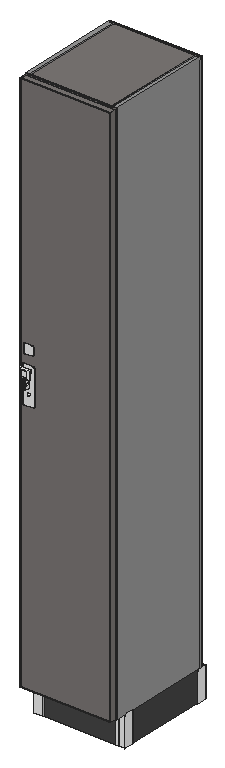
Revit family "Wood_Lockers_Hasps-Salsbury_Industries-41000_Series-1_Wide_Units.rfa", category Specialty Equipment, Revit 2016 (continued)
Definition of nested family "Wood Locker Sloping Hoods"
  Parameters (values of type "44359 - for 15" Deep Lockers (3 Wide)")
    Type Comments = "Sloping Hood for Premier Wood Lockers"
    Model = "44359"
    Manufacturer = "Salsbury Industries"
    Laminate Surface = none
    Height = 5.743"
    Description = "For 15\" D - 3 Wide Lockers"
    Depth = 14.625"
  Types (20): name | Width | Visible | Version | Type Comments | Model | Manufacturer | Height | Description | Depth
    (no name) | 36.000" | yes | "1.0 (12/15/23)" | "Sloping Hood for Premier Wood Lockers" | "44359" | "Salsbury Industries" | 5.743" | "For 15\" D - 3 Wide Lockers" | 14.625"
    44357 - for 15" Deep Lockers (1 Wide) | 12.000" | yes | "1.0 (12/15/23)" | "Sloping Hood for Premier Wood Lockers" | "44357" | "Salsbury Industries" | 5.743" | "For 15\" D - 1 Wide Lockers" | 14.625"
    44353 - for 18" Deep Lockers (1 Wide) | 12.000" | yes | "1.0 (12/15/23)" | "Sloping Hood for Premier Wood Lockers" | "44353" | "Salsbury Industries" | 6.868" | "For 18\" D - 1 Wide Lockers" | 17.625"
    44352 - for 21" Deep Lockers (1 Wide) | 12.000" | yes | "1.0 (12/15/23)" | "Sloping Hood for Premier Wood Lockers" | "44352" | "Salsbury Industries" | 7.993" | "For 21\" D - 1 Wide Lockers" | 20.625"
    44359 - for 15" Deep Lockers (3 Wide) | 36.000" | yes | "1.0 (12/15/23)" | "Sloping Hood for Premier Wood Lockers" | "44359" | "Salsbury Industries" | 5.743" | "For 15\" D - 3 Wide Lockers" | 14.625"
    44356 - for 18" Deep Lockers (3 Wide) | 36.000" | yes | "1.0 (12/15/23)" | "Sloping Hood for Premier Wood Lockers" | "44356" | "Salsbury Industries" | 6.868" | "For 18\" D - 3 Wide Lockers" | 17.625"
    44354 - for 21" Deep Lockers (3 Wide) | 36.000" | yes | "1.0 (12/15/23)" | "Sloping Hood for Premier Wood Lockers" | "44354" | "Salsbury Industries" | 7.993" | "For 21\" D - 3 Wide Lockers" | 20.625"
    44255 - for 24" Deep Lockers (1 Wide) | 15.000" | yes | "1.0 (12/15/23)" | "Sloping Hood for Premier Wood Lockers" | "44255" | "Salsbury Industries" | 9.118" | "For 24\" D - 1 Wood Lockers" | 23.625"
    442257 - for 24" Deep Lockers (3 Wide) | 45.000" | yes | "1.0 (12/15/23)" | "Sloping Hood for Premier Wod Lockers" | "44257" | "Salsbury Industries" | 9.118" | "For 24\" D - 3 Wide Lockers" | 23.625"
    44252 - for 21" Deep Lockers (1 Wide) | 15.000" | yes | "1.0 (12/15/23)" | "Sloping Hood for 15\" Wide Premier Wood Lockers" | "44252" | "Salsbury Industries" | 7.993" | "For 21\" D - 1 Wide Lockers" | 20.625"
    44254 - for 21" Deep Lockers (3 Wide) | 45.000" | yes | "1.0 (12/15/23)" | "Sloping Hood for 15\" Wide Premier Wood Lockers" | "44254" | "Salsbury Industries" | 7.993" | "For 21\" D - 3 Wide Lockers" | 20.625"
    44251 - for 18" Deep Lockers (1 Wide) | 15.000" | yes | "1.0 (12/15/23)" | "Sloping Hood for 15\"Wide Premier Wood Lockers" | "44251" | "Salsbury Industries" | 6.868" | "For 18\" D - 1 Wide Lockers" | 17.625"
    44253 - for 18" Deep Lockers (3 Wide) | 45.000" | yes | "1.0 (12/15/23)" | "Sloping Hood for 15\" Wide Premier Wood Lockers" | "44253" | "Salsbury Industries" | 6.868" | "For 18\" D - 3 Wide Lockers" | 17.625"
    None | 12.000" | no | "" | "" | "" | "" | 5.743" | "" | 14.625"
    44818 - for 18" Deep Lockers (1 Wide) | 18.000" | yes | "1.0 (12/15/23)" | "Sloping Hood for Premier Wood Lockers" | "44818" | "Salsbury Industries" | 6.868" | "For 18\" D - 1 Wide Lockers" | 17.625"
    44811- for 21" Deep Lockers (1 Wide) | 18.000" | yes | "1.0 (12/15/23)" | "Sloping Hood for Premier Wood Lockers" | "44811" | "Salsbury Industries" | 7.993" | "For 21\" D - 1 Wide Lockers" | 20.625"
    44814- for 24" Deep Lockers (1 Wide) | 18.000" | yes | "1.0 (12/15/23)" | "Sloping Hood for Premier Wood Lockers" | "44814" | "Salsbury Industries" | 9.118" | "For 24\" D - 1 Wide Lockers" | 23.625"
    44838- for 18" Deep Lockers (3 Wide) | 54.000" | yes | "1.0 (12/15/23)" | "Sloping Hood for Premier Wood Lockers" | "44838" | "Salsbury Industries" | 6.868" | "For 18\" D - 3 Wide Lockers" | 17.625"
    44831- for 21" Deep Lockers (3 Wide) | 54.000" | yes | "1.0 (12/15/23)" | "Sloping Hood for Premier Wood Lockers" | "44831" | "Salsbury Industries" | 7.993" | "For 21\" D - 3 Wide Lockers" | 20.625"
    44834- for 24" Deep Lockers (3 Wide) | 54.000" | yes | "1.0 (12/15/23)" | "Sloping Hood for Premier Wood Lockers" | "834" | "Salsbury Industries" | 9.118" | "For 24\" D - 3 Wide Lockers" | 23.625"
  Reference planes (in)
    plane 1 "Center (Front/Back)": y = 0
    plane 2: z = 0
    plane 3 "Center (Left/Right)": x = 0
    plane 4 "Front of Hood": y = -7.3125
    plane 5 "Back of Hood": y = 7.3125
    plane 6 "Right Side of Hood": x = 18
    plane 7 "Left Side of Hood": x = -18
    plane 8 "Bottom of Hood": z = 0
    plane 9 "Top of Hood": z = 5.743
    plane 10: x = 17.25
    plane 11: x = -17.25
    plane 12: y = -7.2815
    plane 13: y = -6.5625
    plane 14: z = 5.712
    plane 15: z = 4.993
    plane 16: z = 0.062
    plane 17: z = 0.75
  Forms (in)
    Extrusion 1, solid, visible <- "Visible"
      sketch origin (18, 0.37227, 0) x (0, -1, 0) y (0, 0, 1)
        loop
          line (-0.25, 2.38027) -> (-0.25, 0) -> (0.37227, 0) -> (0.37227, 2.13726) -> (-0.25, 2.38027)
      from 0 to 36
    Extrusion 2, solid, visible <- "Visible"
      sketch origin (0, 0, 0) x (0, 1, 0) y (0, 0, 1)
        loop
          line (-5.47273, 0) -> (7.3125, 4.993) -> (7.3125, 5.712) -> (-7.23269, 0.062) -> (-7.2815, 0.062) -> (-7.2815, 0) -> (-5.47273, 0)
      from -18 to 18
    Extrusion 3, solid, material <- "Laminate Surface", visible <- "Visible"
      sketch origin (0, 0, 0) x (0, 1, 0) y (0, 0, 1)
        loop
          line (-7.3125, 0.062) -> (-7.3125, 0) -> (-7.2815, 0) -> (-7.2815, 0.062) -> (-7.3125, 0.062)
      from -18 to 18
    Extrusion 4, solid, material <- "Laminate Surface", visible <- "Visible"
      sketch origin (0, 0, 0) x (0, 1, 0) y (0, 0, 1)
        loop
          line (7.3125, 5.743) -> (-7.3125, 0.062) -> (-7.23269, 0.062) -> (7.3125, 5.712) -> (7.3125, 5.743)
      from -18 to 18
  Dimensions and locks (in)
    equal spacing: plane 7 "Left Side of Hood", plane 3 "Center (Left/Right)", plane 6 "Right Side of Hood"
    "Width": plane 7 "Left Side of Hood" to plane 6 "Right Side of Hood"
    equal spacing: plane 4 "Front of Hood", plane 1 "Center (Front/Back)", plane 5 "Back of Hood"
    "Depth": plane 4 "Front of Hood" to plane 5 "Back of Hood"
    "Height": plane 9 "Top of Hood" to plane 8 "Bottom of Hood"
    plane 7 "Left Side of Hood" to plane 11 = 0.750"
    plane 10 to plane 6 "Right Side of Hood" = 0.750"
    plane 4 "Front of Hood" to plane 12 to plane 13 = 0.031" locked, 0.719" locked
    plane 15 to plane 14 to plane 9 "Top of Hood" = 0.719" locked, 0.031" locked
    locked: plane 16 to plane 8 "Bottom of Hood" at 0.062
    locked: plane 17 to plane 8 "Bottom of Hood" at 0.75
    aligned and locked: level to plane 2
    aligned and locked: Extrusion 2 to plane 6 "Right Side of Hood"
    aligned and locked: plane 7 "Left Side of Hood" to Extrusion 2
    aligned and locked: plane 7 "Left Side of Hood" to Extrusion 4
    aligned and locked: Extrusion 4 to plane 6 "Right Side of Hood"
    aligned and locked: Extrusion 3 to plane 6 "Right Side of Hood"
    aligned and locked: plane 7 "Left Side of Hood" to Extrusion 3
    aligned and locked: Extrusion 2 to Extrusion 1 sketch curve
    aligned and locked: plane 7 "Left Side of Hood" to Extrusion 1
    aligned and locked: Extrusion 1 to plane 6 "Right Side of Hood"
  Automatic sketch dimensions
    Extrusion 3 sketch curve to level = 0.000"
    Extrusion 3 sketch curve to plane 4 "Front of Hood" = 0.000"
    Extrusion 3 sketch curve to plane 12 = 0.000"
    plane 16 to Extrusion 3 sketch curve = 0.000"
    Extrusion 4 sketch curve to plane 4 "Front of Hood" = 0.000"
    plane 16 to Extrusion 4 sketch curve = 0.000"
    Extrusion 4 sketch curve to plane 5 "Back of Hood" = 0.000"
    plane 14 to Extrusion 4 sketch curve = 0.000"
    plane 9 "Top of Hood" to Extrusion 4 sketch curve = 0.000"
    Extrusion 4 sketch curve to plane 12 = 0.04881"
    Extrusion 2 sketch curve to level = 0.000"
    Extrusion 2 sketch curve to plane 12 = 0.000"
    plane 16 to Extrusion 2 sketch curve = 0.000"
    Extrusion 2 sketch curve to plane 5 "Back of Hood" = 0.000"
    plane 15 to Extrusion 2 sketch curve = 0.000"
    plane 14 to Extrusion 2 sketch curve = 0.000"
    Extrusion 2 sketch curve to plane 13 = 1.08977"
    Extrusion 2 sketch curve to plane 12 = 0.04881"
    Extrusion 1 sketch curve to level = 0.000"
    Extrusion 1 sketch curve to plane 1 "Center (Front/Back)" = 0.000"
    Extrusion 1 sketch curve to Extrusion 1 sketch curve = 0.24302"
Definition of nested family "Wood Locker Double Side Panels-With Slope"
  Parameters (values of type "44339DE - 6' H for 15"D Lockers")
    Width = 29.250"
    Visible = yes
    Version = "1.0 (12/15/23)"
    Type Comments = "Double End Panel for Premier Wood Lockers"
    Slope Height = 5.681"
    Model = "44339DE"
    Manufacturer = "Salsbury Industries"
    Laminate Surface = none
    Height = 72.062"
    Door Trim = none
    Description = "For 6' H x 15\" D Lockers with Sloping Hood"
    Depth = 0.750"
  Types (6): name | Width | Visible | Version | Type Comments | Slope Height | Model | Manufacturer | Height | Description
    (no name) | 29.250" | yes | "1.0 (12/15/23)" | "Double End Panel for Premier Wood Lockers" | 5.681" | "44339DE" | "Salsbury Industries" | 72.062" | "For 6' H x 15\" D Lockers with Sloping Hood"
    44339DE - 6' H for 15"D Lockers | 29.250" | yes | "1.0 (12/15/23)" | "Double End Panel for Premier Wood Lockers" | 5.681" | "44339DE" | "Salsbury Industries" | 72.062" | "For 6' H x 15\" D Lockers with Sloping Hood"
    44334DE - 6' H  for 18" D Lockers | 35.250" | yes | "1.0 (12/15/23)" | "Double End Panel for Premier Wood Lockers" | 6.806" | "44334DE" | "Salsbury Industries" | 72.062" | "For 6' H x 18\" D Lockers with Sloping Hood"
    44336DE - 6' H for 21" D Lockers | 41.250" | yes | "1.0 (12/15/23)" | "Double End Panel for Premier Wood Lockers" | 7.931" | "44336DE" | "Salsbury Industries" | 72.062" | "For 6' H x 21\" D Lockers with Sloping Hood"
    None | 14.000" | no | "" | "" | 5.500" | "" | "" | 72.000" | ""
    44238DE - 6' H for 24" D Lockers | 47.250" | yes | "1.0 (12/15/23)" | "Double End Panel for Premier Wood Lockers" | 8.895" | "442386DE" | "Salsbury Industries" | 72.153" | "For 6' H x 21\" D Lockers with Sloping Hood"
  Reference planes (in)
    plane 1 "Center (Front/Back)": y = 0
    plane 2: z = 0
    plane 3 "Center (Left/Right)": x = 0
    plane 4 "Back": y = 0.375
    plane 5 "Front": y = -0.375
    plane 6 "Left Side": x = -14.625
    plane 7 "Right Side": x = 14.625
    plane 8 "Bottom": z = 0
    plane 9 "Top": z = 72.062
    plane 10 "Center Elevation": z = 36.031
    plane 11 "Wood - Laminate Edge": y = -0.344
    plane 12 "Right Side of Wood": x = 14.594
    plane 13 "Left Side of Wood": x = -14.594
    plane 14 "Top of Wood": z = 71.937
    plane 15 "Bottom of Wood": z = 0.125
    plane 16: z = 77.743
    plane 17: z = 77.712
  Forms (in)
    Extrusion 1, solid, visible <- "Visible"
      sketch origin (0, 0.375, 0) x (1, 0, 0) y (0, 0, 1)
        loop
          line (14.594, 72.031) -> (0, 77.712) -> (-14.594, 72.031) -> (-14.594, 0) -> (14.594, 0) -> (14.594, 72.031)
      from 0 to 0.719
    Extrusion 2, solid, material <- "Laminate Surface", visible <- "Visible"
      sketch origin (0, -0.375, 0) x (1, 0, 0) y (0, 0, 1)
        loop
          line (14.625, 0) -> (14.625, 72.062) -> (0, 77.743) -> (-14.625, 72.062) -> (-14.625, 0) -> (14.625, 0)
      from -0.031 to 0
    Extrusion 3, solid, material <- "Laminate Surface", visible <- "Visible"
      sketch origin (0, 0.375, 0) x (1, 0, 0) y (0, 0, 1)
        loop
          line (14.625, 0) -> (14.625, 72.062) -> (0, 77.743) -> (-14.625, 72.062) -> (-14.625, 0) -> (-14.594, 0) -> (-14.594, 72.031) -> (0, 77.712) -> (14.594, 72.031) -> (14.594, 0) -> (14.625, 0)
      from 0 to 0.719
  Dimensions and locks (in)
    equal spacing: plane 6 "Left Side", plane 3 "Center (Left/Right)", plane 7 "Right Side"
    plane 5 "Front" to plane 1 "Center (Front/Back)" to plane 4 "Back" = 0.375", 0.375"
    "Width": plane 6 "Left Side" to plane 7 "Right Side"
    "Depth": plane 5 "Front" to plane 4 "Back"
    equal spacing: plane 9 "Top", plane 10 "Center Elevation", plane 8 "Bottom"
    "Height": plane 9 "Top" to plane 8 "Bottom"
    locked: plane 5 "Front" to plane 11 "Wood - Laminate Edge" at 0.031
    locked: plane 15 "Bottom of Wood" to plane 8 "Bottom" at 0.125
    locked: plane 12 "Right Side of Wood" to plane 7 "Right Side" at 0.031
    locked: plane 6 "Left Side" to plane 13 "Left Side of Wood" at 0.031
    locked: plane 9 "Top" to plane 14 "Top of Wood" at 0.125
    "Slope Height": plane 16 to plane 9 "Top"
    locked: plane 16 to plane 17 at 0.031
    aligned and locked: level to plane 2
    aligned and locked: Extrusion 3 to plane 4 "Back"
    aligned and locked: plane 11 "Wood - Laminate Edge" to Extrusion 3
  Automatic sketch dimensions
    plane 6 "Left Side" to Extrusion 2 sketch curve = 0.000"
    Extrusion 2 sketch curve to plane 3 "Center (Left/Right)" = 0.000"
    plane 7 "Right Side" to Extrusion 2 sketch curve = 0.000"
    Extrusion 2 sketch curve to level = 0.000"
    Extrusion 2 sketch curve to plane 9 "Top" = 0.000"  (x2)
    Extrusion 2 sketch curve to plane 16 = 0.000"
    Extrusion 1 sketch curve to level = 0.000"
    plane 13 "Left Side of Wood" to Extrusion 1 sketch curve = 0.000"
    Extrusion 1 sketch curve to plane 3 "Center (Left/Right)" = 0.000"
    plane 12 "Right Side of Wood" to Extrusion 1 sketch curve = 0.000"
    Extrusion 1 sketch curve to plane 17 = 0.000"
    plane 9 "Top" to Extrusion 1 sketch curve = 0.031"  (x2)
    Extrusion 3 sketch curve to level = 0.000"  (x2)
    plane 6 "Left Side" to Extrusion 3 sketch curve = 0.000"
    plane 13 "Left Side of Wood" to Extrusion 3 sketch curve = 0.000"
    Extrusion 3 sketch curve to plane 3 "Center (Left/Right)" = 0.000"  (x2)
    plane 12 "Right Side of Wood" to Extrusion 3 sketch curve = 0.000"
    plane 7 "Right Side" to Extrusion 3 sketch curve = 0.000"
    Extrusion 3 sketch curve to plane 9 "Top" = 0.000"  (x2)
    plane 9 "Top" to Extrusion 3 sketch curve = 0.031"  (x2)
    Extrusion 3 sketch curve to plane 17 = 0.000"
    Extrusion 3 sketch curve to plane 16 = 0.000"
Definition of nested family "Wood Locker Side Panels-No Slope"
  Parameters (values of type "44330 - 6' H for 15"D Lockers")
    Width = 14.625"
    Visible = yes
    Version = "1.0 (12/15/23)"
    Type Comments = "Side Panel for Premier Wood Lockers without Sloping Hood"
    Model = "44330"
    Manufacturer = "Salsbury Industries"
    Laminate Surface = none
    Height = 72.000"
    Door Trim = none
    Description = "6' H for 15\" D Lockers"
    Depth = 0.750"
  Types (6): name | Width | Visible | Version | Type Comments | Model | Manufacturer | Description
    (no name) | 14.625" | yes | "1.0 (12/15/23)" | "Side Panel for Premier Wood Lockers without Sloping Hood" | "44330" | "Salsbury Industries" | "6' H for 15\" D Lockers"
    44330 - 6' H for 15"D Lockers | 14.625" | yes | "1.0 (12/15/23)" | "Side Panel for Premier Wood Lockers without Sloping Hood" | "44330" | "Salsbury Industries" | "6' H for 15\" D Lockers"
    44333 - 6' H for 18" D Lockers | 17.625" | yes | "1.0 (12/15/23)" | "Side Panel for Premier Wood Lockers withouth Sloping Hood" | "44333" | "Salsbury Industries" | "6' H for 18\" D Lockers"
    44335 - 6' H for 21" D Lockers | 20.625" | yes | "1.0 (12/15/23)" | "Side Panel for Premier Wood Lockers without Sloping Hood" | "44335" | "Salsbury Industries" | "6' H for 21\" D Lockers"
    None | 14.000" | no | "" | "" | "" | "" | ""
    44237 - 6' H for 24" D Lockers | 23.625" | yes | "1.0 (12/15/23)" | "Side Panel for Premier Wood Lockers without Sloping Hood" | "44237" | "Salsbury Industries" | "6' H for 21\" D Lockers"
  Reference planes (in)
    plane 1 "Center (Front/Back)": y = 0
    plane 2: z = 0
    plane 3 "Center (Left/Right)": x = 0
    plane 4 "Back": y = 0.375
    plane 5 "Front": y = -0.375
    plane 6 "Left Side": x = -7.3125
    plane 7 "Right Side": x = 7.3125
    plane 8 "Bottom": z = 0
    plane 9 "Top": z = 72
    plane 10 "Center Elevation": z = 36
    plane 11 "Wood - Laminate Edge": y = -0.344
    plane 12 "Right Side of Wood": x = 7.2815
    plane 13 "Left Side of Wood": x = -7.2815
    plane 14 "Top of Wood": z = 71.969
    plane 15 "Bottom of Wood": z = 0.031
  Forms (in)
    Extrusion 1, solid, visible <- "Visible"
      sketch origin (0, 0.375, 0) x (1, 0, 0) y (0, 0, 1)
        loop
          line (7.2815, 71.969) -> (-7.2815, 71.969) -> (-7.2815, 0.031) -> (7.2815, 0.031) -> (7.2815, 71.969)
      from 0 to 0.719
    Extrusion 2, solid, material <- "Laminate Surface", visible <- "Visible"
      sketch origin (0, -0.375, 0) x (1, 0, 0) y (0, 0, 1)
        loop
          line (-7.3125, 72) -> (-7.3125, 0) -> (7.3125, 0) -> (7.3125, 72) -> (-7.3125, 72)
      from -0.031 to 0
    Extrusion 3, solid, material <- "Laminate Surface", visible <- "Visible"
      sketch origin (0, 0, 0) x (1, 0, 0) y (0, 0, 1)
        loop
          line (-7.3125, 0) -> (7.3125, 0) -> (7.3125, 72) -> (-7.3125, 72) -> (-7.3125, 0)
        loop
          line (-7.2815, 0.031) -> (7.2815, 0.031) -> (7.2815, 71.969) -> (-7.2815, 71.969) -> (-7.2815, 0.031)
      from -0.375 to 0.344
  Dimensions and locks (in)
    equal spacing: plane 6 "Left Side", plane 3 "Center (Left/Right)", plane 7 "Right Side"
    plane 5 "Front" to plane 1 "Center (Front/Back)" to plane 4 "Back" = 0.375", 0.375"
    "Width": plane 6 "Left Side" to plane 7 "Right Side"
    "Depth": plane 5 "Front" to plane 4 "Back"
    equal spacing: plane 9 "Top", plane 10 "Center Elevation", plane 8 "Bottom"
    "Height": plane 9 "Top" to plane 8 "Bottom"
    locked: plane 5 "Front" to plane 11 "Wood - Laminate Edge" at 0.031
    locked: plane 15 "Bottom of Wood" to plane 8 "Bottom" at 0.031
    locked: plane 12 "Right Side of Wood" to plane 7 "Right Side" at 0.031
    locked: plane 6 "Left Side" to plane 13 "Left Side of Wood" at 0.031
    locked: plane 9 "Top" to plane 14 "Top of Wood" at 0.031
    aligned and locked: level to plane 2
    aligned and locked: Extrusion 2 sketch curve to plane 7 "Right Side"
    aligned and locked: plane 8 "Bottom" to Extrusion 2 sketch curve
    aligned and locked: plane 6 "Left Side" to Extrusion 2 sketch curve
    aligned and locked: plane 9 "Top" to Extrusion 2 sketch curve
    aligned and locked: Extrusion 3 to plane 4 "Back"
    aligned and locked: plane 11 "Wood - Laminate Edge" to Extrusion 3
  Automatic sketch dimensions
    plane 13 "Left Side of Wood" to Extrusion 1 sketch curve = 0.000"
    plane 12 "Right Side of Wood" to Extrusion 1 sketch curve = 0.000"
    Extrusion 1 sketch curve to plane 15 "Bottom of Wood" = 0.000"
    Extrusion 1 sketch curve to plane 14 "Top of Wood" = 0.000"
    plane 13 "Left Side of Wood" to Extrusion 3 sketch curve = 0.000"
    Extrusion 3 sketch curve to level = 0.000"
    plane 13 "Left Side of Wood" to Extrusion 3 sketch curve = 0.031"
    plane 12 "Right Side of Wood" to Extrusion 3 sketch curve = 0.000"
    plane 7 "Right Side" to Extrusion 3 sketch curve = 0.000"
    Extrusion 3 sketch curve to plane 15 "Bottom of Wood" = 0.000"
    Extrusion 3 sketch curve to plane 14 "Top of Wood" = 0.000"
    Extrusion 3 sketch curve to plane 9 "Top" = 0.000"
Definition of nested family "Wood Locker Double Side Panels-No Slope"
  Parameters (values of type "44330DE - 6' H for 15"D Lockers")
    Width = 29.250"
    Visible = yes
    Version = "1.0 (12/15/23)"
    Type Comments = "Double End Panel for Premier Wood Lockers"
    Model = "44330DE"
    Manufacturer = "Salsbury Industries"
    Laminate Surface = none
    Height = 72.000"
    Door Trim = none
    Description = "For 6' H x 15\" D without Sloping Hood"
    Depth = 0.750"
  Types (6): name | Width | Visible | Version | Type Comments | Model | Manufacturer | Description
    (no name) | 29.250" | yes | "1.0 (12/15/23)" | "Double End Panel for Premier Wood Lockers" | "44330DE" | "Salsbury Industries" | "For 6' H x 15\" D without Sloping Hood"
    44330DE - 6' H for 15"D Lockers | 29.250" | yes | "1.0 (12/15/23)" | "Double End Panel for Premier Wood Lockers" | "44330DE" | "Salsbury Industries" | "For 6' H x 15\" D without Sloping Hood"
    44333DE - 6' H for 18" D Lockers | 35.250" | yes | "1.0 (12/15/23)" | "Double End Panel for Premier Wood Lockers" | "44333DE" | "Salsbury Industries" | "For 6' H x 18\" D without Sloping Hood"
    44335DE - 6' H for 21" D Lockers | 41.250" | yes | "1.0 (12/15/23)" | "Double End Panel for Premier Wood Lockers" | "44335DE" | "Salsbury Industries" | "For 6' H x 21\" D without Sloping Hood"
    None | 14.000" | no | "" | "" | "" | "" | ""
    44237DE - 6' H for 24" D Lockers | 47.250" | yes | "1.0 (12/15/23)" | "Double End Panel for Premier Wood Lockers" | "44237DE" | "Salsbury Industries" | "For 6' H x 21\" D without Sloping Hood"
  Reference planes (in)
    plane 1 "Center (Front/Back)": y = 0
    plane 2: z = 0
    plane 3 "Center (Left/Right)": x = 0
    plane 4 "Back": y = 0.375
    plane 5 "Front": y = -0.375
    plane 6 "Left Side": x = -14.625
    plane 7 "Right Side": x = 14.625
    plane 8 "Bottom": z = 0
    plane 9 "Top": z = 72
    plane 10 "Center Elevation": z = 36
    plane 11 "Wood - Laminate Edge": y = -0.344
    plane 12 "Right Side of Wood": x = 14.594
    plane 13 "Left Side of Wood": x = -14.594
    plane 14 "Top of Wood": z = 71.969
    plane 15 "Bottom of Wood": z = 0.031
  Forms (in)
    Extrusion 1, solid, visible <- "Visible"
      sketch origin (0, 0.375, 0) x (1, 0, 0) y (0, 0, 1)
        loop
          line (14.594, 71.969) -> (-14.594, 71.969) -> (-14.594, 0.031) -> (14.594, 0.031) -> (14.594, 71.969)
      from 0 to 0.719
    Extrusion 2, solid, material <- "Laminate Surface", visible <- "Visible"
      sketch origin (0, -0.375, 0) x (1, 0, 0) y (0, 0, 1)
        loop
          line (-14.625, 72) -> (-14.625, 0) -> (14.625, 0) -> (14.625, 72) -> (-14.625, 72)
      from -0.031 to 0
    Extrusion 3, solid, material <- "Laminate Surface", visible <- "Visible"
      sketch origin (0, 0, 0) x (1, 0, 0) y (0, 0, 1)
        loop
          line (-14.625, 0) -> (14.625, 0) -> (14.625, 72) -> (-14.625, 72) -> (-14.625, 0)
        loop
          line (14.594, 71.969) -> (-14.594, 71.969) -> (-14.594, 0.031) -> (14.594, 0.031) -> (14.594, 71.969)
      from -0.375 to 0.344
  Dimensions and locks (in)
    equal spacing: plane 6 "Left Side", plane 3 "Center (Left/Right)", plane 7 "Right Side"
    plane 5 "Front" to plane 1 "Center (Front/Back)" to plane 4 "Back" = 0.375", 0.375"
    "Width": plane 6 "Left Side" to plane 7 "Right Side"
    "Depth": plane 5 "Front" to plane 4 "Back"
    equal spacing: plane 9 "Top", plane 10 "Center Elevation", plane 8 "Bottom"
    "Height": plane 9 "Top" to plane 8 "Bottom"
    locked: plane 5 "Front" to plane 11 "Wood - Laminate Edge" at 0.031
    locked: plane 15 "Bottom of Wood" to plane 8 "Bottom" at 0.031
    plane 12 "Right Side of Wood" to plane 7 "Right Side" = 0.031"
    locked: plane 6 "Left Side" to plane 13 "Left Side of Wood" at 0.031
    locked: plane 9 "Top" to plane 14 "Top of Wood" at 0.031
    aligned and locked: level to plane 2
    aligned and locked: plane 8 "Bottom" to Extrusion 2 sketch curve
    aligned and locked: plane 6 "Left Side" to Extrusion 2 sketch curve
    aligned and locked: Extrusion 2 sketch curve to plane 7 "Right Side"
    aligned and locked: plane 9 "Top" to Extrusion 2 sketch curve
    aligned and locked: Extrusion 3 to plane 4 "Back"
    aligned and locked: plane 11 "Wood - Laminate Edge" to Extrusion 3
  Automatic sketch dimensions
    plane 13 "Left Side of Wood" to Extrusion 1 sketch curve = 0.000"
    plane 12 "Right Side of Wood" to Extrusion 1 sketch curve = 0.000"
    Extrusion 1 sketch curve to plane 15 "Bottom of Wood" = 0.000"
    Extrusion 1 sketch curve to plane 14 "Top of Wood" = 0.000"
    Extrusion 3 sketch curve to level = 0.000"
    plane 6 "Left Side" to Extrusion 3 sketch curve = 0.000"
    plane 7 "Right Side" to Extrusion 3 sketch curve = 0.000"
    Extrusion 3 sketch curve to plane 9 "Top" = 0.000"
    plane 13 "Left Side of Wood" to Extrusion 3 sketch curve = 0.000"
    Extrusion 3 sketch curve to plane 15 "Bottom of Wood" = 0.000"
    Extrusion 3 sketch curve to plane 14 "Top of Wood" = 0.000"
    plane 12 "Right Side of Wood" to Extrusion 3 sketch curve = 0.000"
Definition of nested family "Wood Locker Sloping In-Line Fillers"
  Parameters (values of type "44481 - 15" W for 21" D Lockers")
    Width = 15.000"
    Visible = yes
    Version = "1.0 (12/15/23)"
    Type Comments = "Sloping Hood In-Line Filler for Premier Wood Lockers"
    Model = "44481"
    Manufacturer = "Salsbury Industries"
    Laminate Surface = none
    Height = 7.993"
    Description = "For 21\" D Lockers"
    Depth = 20.625"
  Types (10): name | Width | Visible | Version | Type Comments | Model | Manufacturer | Height | Description | Depth
    (no name) | 15.000" | yes | "1.0 (12/15/23)" | "Sloping Hood In-Line Filler for Premier Wood Lockers" | "44481" | "Salsbury Industries" | 7.993" | "For 21\" D Lockers" | 20.625"
    44487 - 15" W for 15" D Lockers | 15.000" | yes | "1.0 (12/15/23)" | "Sloping Hood In-Line Filler for Premier Wood Lockers" | "44487" | "Salsbury Industries" | 5.743" | "For 15\" D Lockers" | 14.625"
    44488 - 15" W for 18" D Lockers | 15.000" | yes | "1.0 (12/15/23)" | "Sloping Hood In-Line Filler for Premier Wood Lockers" | "44488" | "Salsbury Industries" | 6.868" | "For 18\" D Lockers" | 17.625"
    44481 - 15" W for 21" D Lockers | 15.000" | yes | "1.0 (12/15/23)" | "Sloping Hood In-Line Filler for Premier Wood Lockers" | "44481" | "Salsbury Industries" | 7.993" | "For 21\" D Lockers" | 20.625"
    None | 12.000" | no | "" | "" | "" | "" | 5.500" | "" | 14.000"
    44489 - 15" W for 24" D Lockers | 15.000" | yes | "1.0 (12/15/23)" | "Sloping Hood In-Line Filler for Premier Wood Lockers" | "44489" | "Salsbury Industries" | 8.875" | "For 24\" D Lockers" | 23.000"
    44488 - 9" W for 18" D Lockers | 9.000" | yes | "1.0 (12/15/23)" | "Sloping Hood In-Line Filler for Premier Wood Lockers" | "44488" | "Salsbury Industries" | 6.868" | "For 18\" D Lockers" | 17.625"
    44487 - 9" W for 15" D Lockers | 9.000" | yes | "1.0 (12/15/23)" | "Sloping Hood In-Line Filler for Premier Wood Lockers" | "44487" | "Salsbury Industries" | 5.743" | "For 15\" D Lockers" | 14.625"
    44481 - 9" W for 21" D Lockers | 9.000" | yes | "1.0 (12/15/23)" | "Sloping Hood In-Line Filler for Premier Wood Lockers" | "44481" | "Salsbury Industries" | 7.750" | "For 21\" D Lockers" | 20.000"
    44489 - 9" W for 24" D Lockers | 9.000" | yes | "1.0 (12/15/23)" | "Sloping Hood In-Line Filler for Premier Wood Lockers" | "44489" | "Salsbury Industries" | 8.875" | "For 24\" D Lockers" | 23.000"
  Reference planes (in)
    plane 1 "Center (Front/Back)": y = 0
    plane 2: z = 0
    plane 3 "Center (Left/Right)": x = 0
    plane 4 "Front of Hood": y = -10.3125
    plane 5 "Back of Hood": y = 10.3125
    plane 6 "Right Side of Hood": x = 7.5
    plane 7 "Left Side of Hood": x = -7.5
    plane 8 "Bottom of Hood": z = 0
    plane 9 "Top of Hood": z = 7.993
    plane 10: x = 6.75
    plane 11: x = -6.75
    plane 12: y = -10.2815
    plane 13: y = -9.5625
    plane 14: z = 7.962
    plane 15: z = 7.243
    plane 16: z = 0.062
    plane 17: z = 0.75
  Forms (in)
    Extrusion 1, solid, visible <- "Visible"
      sketch origin (0, 0, 0) x (0, 1, 0) y (0, 0, 1)
        loop
          line (-8.47273, 0) -> (10.3125, 7.243) -> (10.3125, 7.962) -> (-10.23269, 0.062) -> (-10.2815, 0.062) -> (-10.2815, 0) -> (-8.47273, 0)
      from -7.5 to 7.5
    Extrusion 2, solid, material <- "Laminate Surface", visible <- "Visible"
      sketch origin (0, 0, 0) x (0, 1, 0) y (0, 0, 1)
        loop
          line (-10.3125, 0.062) -> (-10.3125, 0) -> (-10.2815, 0) -> (-10.2815, 0.062) -> (-10.3125, 0.062)
      from -7.5 to 7.5
    Extrusion 3, solid, material <- "Laminate Surface", visible <- "Visible"
      sketch origin (0, 0, 0) x (0, 1, 0) y (0, 0, 1)
        loop
          line (10.3125, 7.993) -> (-10.3125, 0.062) -> (-10.23269, 0.062) -> (10.3125, 7.962) -> (10.3125, 7.993)
      from -7.5 to 7.5
  Dimensions and locks (in)
    equal spacing: plane 7 "Left Side of Hood", plane 3 "Center (Left/Right)", plane 6 "Right Side of Hood"
    "Width": plane 7 "Left Side of Hood" to plane 6 "Right Side of Hood"
    equal spacing: plane 4 "Front of Hood", plane 1 "Center (Front/Back)", plane 5 "Back of Hood"
    "Depth": plane 4 "Front of Hood" to plane 5 "Back of Hood"
    "Height": plane 9 "Top of Hood" to plane 8 "Bottom of Hood"
    plane 7 "Left Side of Hood" to plane 11 = 0.750"
    plane 10 to plane 6 "Right Side of Hood" = 0.750"
    plane 4 "Front of Hood" to plane 12 to plane 13 = 0.031" locked, 0.719" locked
    plane 15 to plane 14 to plane 9 "Top of Hood" = 0.719" locked, 0.031" locked
    locked: plane 16 to plane 8 "Bottom of Hood" at 0.062
    locked: plane 17 to plane 8 "Bottom of Hood" at 0.75
    aligned and locked: level to plane 2
    aligned and locked: Extrusion 1 to plane 6 "Right Side of Hood"
    aligned and locked: plane 7 "Left Side of Hood" to Extrusion 1
    aligned and locked: plane 7 "Left Side of Hood" to Extrusion 3
    aligned and locked: Extrusion 3 to plane 6 "Right Side of Hood"
    aligned and locked: Extrusion 2 to plane 6 "Right Side of Hood"
    aligned and locked: plane 7 "Left Side of Hood" to Extrusion 2
  Automatic sketch dimensions
    Extrusion 2 sketch curve to level = 0.000"
    Extrusion 2 sketch curve to plane 4 "Front of Hood" = 0.000"
    Extrusion 2 sketch curve to plane 12 = 0.000"
    plane 16 to Extrusion 2 sketch curve = 0.000"
    Extrusion 3 sketch curve to plane 4 "Front of Hood" = 0.000"
    plane 16 to Extrusion 3 sketch curve = 0.000"
    Extrusion 3 sketch curve to plane 5 "Back of Hood" = 0.000"
    plane 14 to Extrusion 3 sketch curve = 0.000"
    plane 9 "Top of Hood" to Extrusion 3 sketch curve = 0.000"
    Extrusion 3 sketch curve to plane 12 = 0.04881"
    Extrusion 1 sketch curve to level = 0.000"
    Extrusion 1 sketch curve to plane 12 = 0.000"
    plane 16 to Extrusion 1 sketch curve = 0.000"
    Extrusion 1 sketch curve to plane 5 "Back of Hood" = 0.000"
    plane 15 to Extrusion 1 sketch curve = 0.000"
    plane 14 to Extrusion 1 sketch curve = 0.000"
    Extrusion 1 sketch curve to plane 13 = 1.08977"
    Extrusion 1 sketch curve to plane 12 = 0.04881"
Definition of nested family "Wood Locker Sloping Corner Fillers"
  Parameters (values of type "44487 - for 15" D Lockers")
    Width = 16.875"
    Visible = yes
    Version = "1.0 (12/15/23)"
    Type Comments = "Sloping Hood Corner Filler for Premier Wood Lockers"
    Model = "44487"
    Manufacturer = "Salsbury Industries"
    Laminate Surface = none
    Height = 5.743"
    Description = "For 15\" D Lockers"
    Depth = 16.875"
  Types (6): name | Width | Visible | Version | Type Comments | Model | Manufacturer | Height | Description | Depth
    (no name) | 16.875" | yes | "1.0 (12/15/23)" | "Sloping Hood Corner Filler for Premier Wood Lockers" | "44487" | "Salsbury Industries" | 5.743" | "For 15\" D Lockers" | 16.875"
    44487 - for 15" D Lockers | 16.875" | yes | "1.0 (12/15/23)" | "Sloping Hood Corner Filler for Premier Wood Lockers" | "44487" | "Salsbury Industries" | 5.743" | "For 15\" D Lockers" | 16.875"
    44488 - for 18" D Lockers | 19.875" | yes | "1.0 (12/15/23)" | "Sloping Hood Corner Filler for Premier Wood Lockers" | "44488" | "Salsbury Industries" | 6.868" | "For 18\" D Lockers" | 19.875"
    44481- for 21" D Lockers | 22.875" | yes | "1.0 (12/15/23)" | "Sloping Hood Corner Filler for Premier Wood Lockers" | "44481" | "Salsbury Industries" | 7.993" | "For 21\" D Lockers" | 22.875"
    44489- for 24" D Lockers | 25.875" | yes | "1.0 (12/15/23)" | "Sloping Hood Corner Filler for Premier Wood Lockers" | "44489" | "Salsbury Industries" | 9.118" | "For 24\" D Lockers" | 25.875"
    None | 16.875" | no | "" | "" | "" | "" | 5.743" | "" | 16.875"
  Reference planes (in)
    plane 1 "Center (Front/Back)": y = -0.8125
    plane 2: z = 0
    plane 3 "Center (Left/Right)": x = 0.8125
    plane 4 "Front of Hood": y = -7
    plane 5 "Right Side of Hood": x = 7
    plane 6 "Bottom of Hood": z = 0
    plane 7 "Black Trim Line": y = -6.969
    plane 8: z = 0.062
    plane 9: z = 0.75
    plane 10 "New Back of Hood": y = 7.625
    plane 11 "New Front of Hood": y = -9.25
    plane 12 "New Left Side": x = -7.625
    plane 13 "New Right Side": x = 9.25
    plane 14 "Top": z = 5.743
    plane 15: x = 6.969
  Forms (in)
    Extrusion 1, solid, visible <- "Visible"
      sketch origin (0.8125, 0, 0) x (0, 1, 0) y (0, 0, 1)
        loop
          line (-5.16023, 0) -> (7.625, 4.99437) -> (7.625, 5.712) -> (-6.92019, 0.062) -> (-6.969, 0.062) -> (-6.969, 0) -> (-5.16023, 0)
      from -8.4375 to 8.4375
    Extrusion 2, solid, material <- "Laminate Surface", visible <- "Visible"
      sketch origin (0.8125, 0, 0.00023) x (0, 1, 0) y (0, 0, 1)
        loop
          line (7.625, 5.74277) -> (-7, 0.06177) -> (-6.92019, 0.06177) -> (7.625, 5.71177) -> (7.625, 5.74277)
      from -8.4375 to 8.4375
    Extrusion 3, void
      sketch origin (0, 0, 0) x (0, -1, 0) y (1, 0, 0)
        loop
          line (7, 7) -> (-7.625, -7.625) -> (7, -7.625) -> (7, 7)
      from 0 to 5.743
    Extrusion 4, solid, material <- "Laminate Surface", visible <- "Visible"
      sketch origin (9.25, 0, 0) x (0, -1, 0) y (0, 0, 1)
        loop
          line (7, 0) -> (7, 0.062) -> (6.969, 0.062) -> (6.969, 0) -> (7, 0)
      from 0 to 2.25
    Extrusion 5, solid, visible <- "Visible"
      sketch origin (-1.125, -0.8125, 0) x (1, 0, 0) y (0, 0, 1)
        loop
          line (6.28523, 0) -> (8.094, 0) -> (8.094, 0.062) -> (8.04519, 0.062) -> (-6.5, 5.712) -> (-6.5, 4.99437) -> (6.28523, 0)
      from -8.4375 to 8.4375
    Extrusion 6, solid, material <- "Laminate Surface", visible <- "Visible"
      sketch origin (-1.125, -0.8125, 0) x (1, 0, 0) y (0, 0, 1)
        loop
          line (-6.5, 5.743) -> (-6.5, 5.712) -> (8.04519, 0.062) -> (8.125, 0.062) -> (-6.5, 5.743)
      from -8.4375 to 8.4375
    Extrusion 7, solid, material <- "Laminate Surface", visible <- "Visible"
      sketch origin (0, -7, 0) x (1, 0, 0) y (0, 0, 1)
        loop
          line (7, 0) -> (7, 0.062) -> (6.969, 0.062) -> (6.969, 0) -> (7, 0)
      from 0 to 2.25
    Extrusion 8, void
      sketch origin (9.25, 0, 0) x (0, -1, 0) y (0, 0, 1)
        loop
          line (-7.625, 0) -> (5.16023, 0) -> (-7.625, 4.99437) -> (-7.625, 0)
      from 0 to 16.875
  Cuts and joins
    Extrusion 3, Extrusion 8 cuts Extrusion 1
    Extrusion 3 cuts Extrusion 2
    Extrusion 8 cuts Extrusion 5
    Extrusion 8 cuts Extrusion 6
  Dimensions and locks (in)
    locked: plane 4 "Front of Hood" to plane 7 "Black Trim Line" at 0.031
    locked: plane 8 to plane 6 "Bottom of Hood" at 0.062
    locked: plane 9 to plane 6 "Bottom of Hood" at 0.75
    "Height": plane 14 "Top" to plane 6 "Bottom of Hood"
    "Width": plane 12 "New Left Side" to plane 13 "New Right Side"
    "Depth": plane 11 "New Front of Hood" to plane 10 "New Back of Hood"
    equal spacing: plane 12 "New Left Side", plane 3 "Center (Left/Right)", plane 13 "New Right Side"
    equal spacing: plane 11 "New Front of Hood", plane 1 "Center (Front/Back)", plane 10 "New Back of Hood"
    locked: plane 5 "Right Side of Hood" to plane 13 "New Right Side" at 2.25
    locked: plane 11 "New Front of Hood" to plane 4 "Front of Hood" at 2.25
    locked: plane 15 to plane 5 "Right Side of Hood" at 0.031
    aligned and locked: level to plane 2
    aligned and locked: plane 12 "New Left Side" to Extrusion 3
    aligned and locked: Extrusion 2 to plane 13 "New Right Side"
    aligned and locked: plane 12 "New Left Side" to cut or joined group of Extrusion 2, Extrusion 3
    aligned and locked: cut or joined group of Extrusion 2, Extrusion 3 to plane 10 "New Back of Hood"
    aligned and locked: plane 12 "New Left Side" to cut or joined group of Extrusion 1, Extrusion 3, Extrusion 8
    aligned and locked: cut or joined group of Extrusion 1, Extrusion 3, Extrusion 8 to plane 13 "New Right Side"
    aligned and locked: cut or joined group of Extrusion 1, Extrusion 3, Extrusion 8 to plane 10 "New Back of Hood"  (x2)
    aligned and locked: plane 4 "Front of Hood" to cut or joined group of Extrusion 2, Extrusion 3
    aligned and locked: Extrusion 3 to cut or joined group of Extrusion 2, Extrusion 3
    aligned and locked: plane 13 "New Right Side" to cut or joined group of Extrusion 1, Extrusion 3, Extrusion 8
    aligned and locked: plane 5 "Right Side of Hood" to Extrusion 4
    aligned and locked: Extrusion 8 to Extrusion 1  (x2)
    aligned and locked: Extrusion 1 to Extrusion 8
    aligned and locked: cut or joined group of Extrusion 1, Extrusion 3, Extrusion 8 to Extrusion 6
    aligned and locked: plane 11 "New Front of Hood" to Extrusion 6
    aligned and locked: plane 12 "New Left Side" to Extrusion 6
    aligned and locked: plane 11 "New Front of Hood" to Extrusion 5
    aligned and locked: plane 12 "New Left Side" to Extrusion 5
    aligned and locked: cut or joined group of Extrusion 1, Extrusion 3, Extrusion 8 to Extrusion 5
  Automatic sketch dimensions
    Extrusion 1 sketch curve to level = 0.000"
    Extrusion 1 sketch curve to plane 7 "Black Trim Line" = 0.000"
    plane 8 to Extrusion 1 sketch curve = 0.000"
    Extrusion 1 sketch curve to plane 10 "New Back of Hood" = 0.000"
    Extrusion 1 sketch curve to Extrusion 1 sketch curve = 0.04881"
    Extrusion 1 sketch curve to Extrusion 1 sketch curve = 1.75996"
    plane 14 "Top" to Extrusion 1 sketch curve = 0.74863"
    plane 14 "Top" to Extrusion 1 sketch curve = 0.031"
    Extrusion 2 sketch curve to plane 4 "Front of Hood" = 0.000"
    plane 8 to Extrusion 2 sketch curve = 0.000"
    Extrusion 2 sketch curve to plane 10 "New Back of Hood" = 0.000"
    plane 14 "Top" to Extrusion 2 sketch curve = 0.000"
    Extrusion 2 sketch curve to plane 7 "Black Trim Line" = 0.04881"
    plane 14 "Top" to Extrusion 2 sketch curve = 0.031"
    plane 10 "New Back of Hood" to Extrusion 3 sketch curve = 0.000"
    plane 4 "Front of Hood" to Extrusion 3 sketch curve = 0.000"
    Extrusion 3 sketch curve to plane 12 "New Left Side" = 0.000"
    Extrusion 3 sketch curve to plane 5 "Right Side of Hood" = 0.000"
    Extrusion 4 sketch curve to level = 0.000"
    Extrusion 4 sketch curve to plane 7 "Black Trim Line" = 0.000"
    Extrusion 4 sketch curve to plane 4 "Front of Hood" = 0.000"
    plane 8 to Extrusion 4 sketch curve = 0.000"
    Extrusion 5 sketch curve to level = 0.000"
    Extrusion 5 sketch curve to plane 8 = 0.000"
    plane 14 "Top" to Extrusion 5 sketch curve = 0.031"
    Extrusion 5 sketch curve to plane 12 "New Left Side" = 0.000"
    plane 5 "Right Side of Hood" to Extrusion 5 sketch curve = 1.83977"
    plane 5 "Right Side of Hood" to Extrusion 5 sketch curve = 0.07981"
    Extrusion 5 sketch curve to Extrusion 5 sketch curve = 0.04881"
    Extrusion 5 sketch curve to Extrusion 5 sketch curve = 0.71763"
    plane 14 "Top" to Extrusion 6 sketch curve = 0.000"
    Extrusion 6 sketch curve to plane 8 = 0.000"
    Extrusion 6 sketch curve to plane 12 "New Left Side" = 0.000"
    plane 5 "Right Side of Hood" to Extrusion 6 sketch curve = 0.07981"
    Extrusion 6 sketch curve to Extrusion 6 sketch curve = 0.07981"
    plane 14 "Top" to Extrusion 6 sketch curve = 0.031"
    Extrusion 7 sketch curve to level = 0.000"
    plane 15 to Extrusion 7 sketch curve = 0.000"
    plane 5 "Right Side of Hood" to Extrusion 7 sketch curve = 0.000"
    Extrusion 7 sketch curve to plane 8 = 0.000"
    Extrusion 8 sketch curve to plane 10 "New Back of Hood" = 0.000"
    Extrusion 8 sketch curve to level = 0.000"
    Extrusion 8 sketch curve to plane 7 "Black Trim Line" = 1.80877"
    plane 14 "Top" to Extrusion 8 sketch curve = 0.74863"
Definition of nested family "Wood Locker Front Corner Filler"
  Parameters (values of type "44464 - for 6' H Lockers with Base")
    Width = 2.250"
    Visible Base = yes
    Visible = yes
    Version = "1.0 (12/15/23)"
    Type Comments = "Front Vertical Corner Filler for Designer Wood Lockers"
    Primary Structure Materials = none
    Model = "44464"
    Manufacturer = "Salsbury Industries"
    Laminate Surface = none
    Height = 72.000"
    Description = "For 6' H Lockers"
    Depth = 0.750"
    Base Primary Materials = none
    Base Height = 4.000"
  Types (3): name | Visible Base | Visible | Version | Type Comments | Model | Manufacturer | Description | Base Height
    None | no | no | "" | "" | "" | "" | "" | 4.000"
    44464 - for 6'H Lockers without Base | no | yes | "1.0 (12/15/23)" | "Front Vertical Corner Filler for Designer Wood Lockers" | "44464" | "Salsbury Industries" | "For 6' H Lockers" | 0.000"
    44464 - for 6' H Lockers with Base | yes | yes | "1.0 (12/15/23)" | "Front Vertical Corner Filler for Designer Wood Lockers" | "44464" | "Salsbury Industries" | "For 6' H Lockers" | 4.000"
  Reference planes (in)
    plane 1 "Center (Front/Back)": y = 0
    plane 2 "Bottom of Base": z = 0
    plane 3 "Center (Left/Right)": x = 0
    plane 4 "Back": y = 0.375
    plane 5 "Front": y = -0.375
    plane 6 "Left Side": x = -1.125
    plane 7 "Right Side": x = 1.125
    plane 8 "Bottom": z = 4
    plane 9 "Top": z = 76
    plane 10 "Center Elevation": z = 40
    plane 11 "Wood - Laminate Edge": y = -0.344
    plane 12 "Right Side of Wood": x = 1
    plane 13 "Left Side of Wood": x = -1
    plane 14 "Top of Wood": z = 75.875
    plane 15 "Bottom of Wood": z = 4.125
    plane 16 "Front of Base Filler": y = 1
  Forms (in)
    Extrusion 1, solid, material <- "Primary Structure Materials", visible <- "Visible"
      sketch origin (0, 0.375, 0) x (1, 0, 0) y (0, 0, 1)
        loop
          line (1.125, 76) -> (-1.156, 76) -> (-1.156, 4) -> (1.125, 4) -> (1.125, 76)
      from 0 to 0.719
    Extrusion 2, solid, material <- "Laminate Surface", visible <- "Visible"
      sketch origin (0, -0.375, 0) x (1, 0, 0) y (0, 0, 1)
        loop
          line (-1.125, 76) -> (-1.125, 4) -> (1.125, 4) -> (1.125, 76) -> (-1.125, 76)
      from -0.031 to 0
    Extrusion 3, solid, material <- "Primary Structure Materials", visible <- "Visible"
      sketch origin (-1.875, -1.5, 0) x (0, 1, 0) y (0, 0, 1)
        loop
          line (1.875, 76) -> (-1.125, 76) -> (-1.125, 4) -> (1.875, 4) -> (1.875, 76)
      from 0 to 0.719
    Extrusion 4, solid, material <- "Laminate Surface", visible <- "Visible"
      sketch origin (-1.125, -1.5, 0) x (0, 1, 0) y (0, 0, 1)
        loop
          line (-1.125, 76) -> (-1.125, 4) -> (1.156, 4) -> (1.156, 76) -> (-1.125, 76)
      from -0.031 to 0
    Extrusion 5, solid, material <- "Base Primary Materials", visible <- "Visible Base"
      sketch origin (0, 0, 0) x (1, 0, 0) y (0, 1, 0)
        loop
          line (-3.25, 1.75) -> (-3.25, -2.625) -> (-1.875, -2.625) -> (-1.875, 1.75) -> (-3.25, 1.75)
      from 4 to 4.75
    Extrusion 6, solid, material <- "Base Primary Materials", visible <- "Visible Base"
      sketch origin (0, 0, 0) x (1, 0, 0) y (0, 1, 0)
        loop
          line (-1.875, 1.75) -> (-1.875, 0.375) -> (1.125, 0.375) -> (1.125, 1.75) -> (-1.875, 1.75)
      from 4 to 4.75
    Extrusion 7, solid, material <- "Base Primary Materials", visible <- "Visible Base"
      sketch origin (0, 0, 0) x (1, 0, 0) y (0, 1, 0)
        loop
          line (1.125, 1.75) -> (-2.43407, 1.75) -> (-2.43407, 1) -> (1.125, 1) -> (1.125, 1.75)
      from 0 to 4
    Extrusion 8, solid, material <- "Base Primary Materials", visible <- "Visible Base"
      sketch origin (0, 0, 0) x (1, 0, 0) y (0, 1, 0)
        loop
          line (-3.25, 1.75) -> (-3.25, -2.625) -> (-2.43407, -2.625) -> (-2.43407, 1.75) -> (-3.25, 1.75)
      from 0 to 4
  Dimensions and locks (in)
    equal spacing: plane 6 "Left Side", plane 3 "Center (Left/Right)", plane 7 "Right Side"
    plane 5 "Front" to plane 1 "Center (Front/Back)" to plane 4 "Back" = 0.375", 0.375"
    "Width": plane 6 "Left Side" to plane 7 "Right Side"
    "Depth": plane 5 "Front" to plane 4 "Back"
    equal spacing: plane 9 "Top", plane 10 "Center Elevation", plane 8 "Bottom"
    "Height": plane 9 "Top" to plane 8 "Bottom"
    locked: plane 5 "Front" to plane 11 "Wood - Laminate Edge" at 0.031
    locked: plane 15 "Bottom of Wood" to plane 8 "Bottom" at 0.125
    locked: plane 12 "Right Side of Wood" to plane 7 "Right Side" at 0.125
    locked: plane 6 "Left Side" to plane 13 "Left Side of Wood" at 0.125
    locked: plane 9 "Top" to plane 14 "Top of Wood" at 0.125
    locked: plane 5 "Front" to plane 16 "Front of Base Filler" at 1.375
    "Base Height": plane 8 "Bottom" to plane 2 "Bottom of Base"
    aligned and locked: level to plane 2 "Bottom of Base"
    aligned and locked: plane 8 "Bottom" to Extrusion 1
    aligned and locked: Extrusion 7 to Extrusion 5
    aligned and locked: Extrusion 8 to Extrusion 5
    aligned and locked: Extrusion 7 to Extrusion 8
  Automatic sketch dimensions
    Extrusion 1 sketch curve to plane 9 "Top" = 0.000"
    Extrusion 1 sketch curve to plane 8 "Bottom" = 0.000"
    plane 7 "Right Side" to Extrusion 1 sketch curve = 0.000"
    plane 6 "Left Side" to Extrusion 1 sketch curve = 0.031"
    plane 6 "Left Side" to Extrusion 2 sketch curve = 0.000"
    plane 7 "Right Side" to Extrusion 2 sketch curve = 0.000"
    Extrusion 2 sketch curve to plane 8 "Bottom" = 0.000"
    Extrusion 2 sketch curve to plane 9 "Top" = 0.000"
    plane 9 "Top" to Extrusion 3 sketch curve = 0.000"
    plane 8 "Bottom" to Extrusion 3 sketch curve = 0.000"
    Extrusion 3 sketch curve to plane 4 "Back" = 0.000"
    plane 5 "Front" to Extrusion 3 sketch curve = 2.250"
    plane 8 "Bottom" to Extrusion 4 sketch curve = 0.000"
    plane 9 "Top" to Extrusion 4 sketch curve = 0.000"
    Extrusion 4 sketch curve to plane 11 "Wood - Laminate Edge" = 0.000"
    plane 5 "Front" to Extrusion 4 sketch curve = 2.250"
    plane 6 "Left Side" to Extrusion 5 sketch curve = 2.125"
    plane 6 "Left Side" to Extrusion 5 sketch curve = 0.750"
    plane 5 "Front" to Extrusion 5 sketch curve = 2.250"
    Extrusion 5 sketch curve to plane 16 "Front of Base Filler" = 0.750"
    plane 16 "Front of Base Filler" to Extrusion 7 sketch curve = 0.000"
    Extrusion 7 sketch curve to plane 7 "Right Side" = 0.000"
    plane 6 "Left Side" to Extrusion 7 sketch curve = 1.30907"
    Extrusion 7 sketch curve to plane 16 "Front of Base Filler" = 0.750"
    plane 6 "Left Side" to Extrusion 8 sketch curve = 2.125"
    Extrusion 8 sketch curve to Extrusion 8 sketch curve = 0.81593"
    plane 5 "Front" to Extrusion 8 sketch curve = 2.250"
    Extrusion 8 sketch curve to plane 16 "Front of Base Filler" = 0.750"
    plane 4 "Back" to Extrusion 6 sketch curve = 0.000"
    Extrusion 6 sketch curve to plane 7 "Right Side" = 0.000"
    plane 6 "Left Side" to Extrusion 6 sketch curve = 0.750"
    Extrusion 6 sketch curve to plane 16 "Front of Base Filler" = 0.750"
Types (7): name | Unit Height including Sloping Hood Only | Unit Height including Base Only | Sloping Hood Height | Overall Unit Height including Base and Sloping Hood | Model | Description | Depth | Compartment Depth | Base Height | Base Depth | Base
  (no name) | 77.743" | 76.000" | 5.743" | 81.743" | "41165" | "1 Wide - 6 Feet High - 15 inches Deep - with Base" | 15.000" | 13.750" | 4.000" | 13.250" | Wood Locker Bases : Base - 12" W x 15" D Lockers
  41165 | 77.743" | 76.000" | 5.743" | 81.743" | "41165" | "1 Wide - 6 Feet High - 15 inches Deep - with Base" | 15.000" | 13.750" | 4.000" | 13.250" | Wood Locker Bases : Base - 12" W x 15" D Lockers
  41165 - Without Base | 77.743" | 72.000" | 5.743" | 77.743" | "41165 - without Base" | "1 Wide - 6 Feet High - 15 inches Deep - without Base" | 15.000" | 13.750" | 0.000" | 13.250" | Wood Locker Bases : None
  41168 | 78.868" | 76.000" | 6.868" | 82.868" | "41168" | "1 Wide - 6 Feet High - 18 inches Deep - with Base" | 18.000" | 16.750" | 4.000" | 16.250" | Wood Locker Bases : Base - 12" W x 18" D Lockers
  41168 - Without Base | 78.868" | 72.000" | 6.868" | 78.868" | "41168 - without Base" | "1 Wide - 6 Feet High - 18 inches Deep - without Base" | 18.000" | 16.750" | 0.000" | 16.250" | Wood Locker Bases : None
  41161 | 79.993" | 76.000" | 7.993" | 83.993" | "41161" | "1 Wide - 6 Feet High - 21 inches Deep - with Base" | 21.000" | 19.750" | 4.000" | 19.250" | Wood Locker Bases : Base - 12" W x 21" D Lockers
  41161 - Without Base | 79.993" | 72.000" | 7.993" | 79.993" | "41161 - without Base" | "1 Wide - 6 Feet High - 21 inches Deep - without Base" | 21.000" | 19.750" | 0.000" | 19.250" | Wood Locker Bases : None
